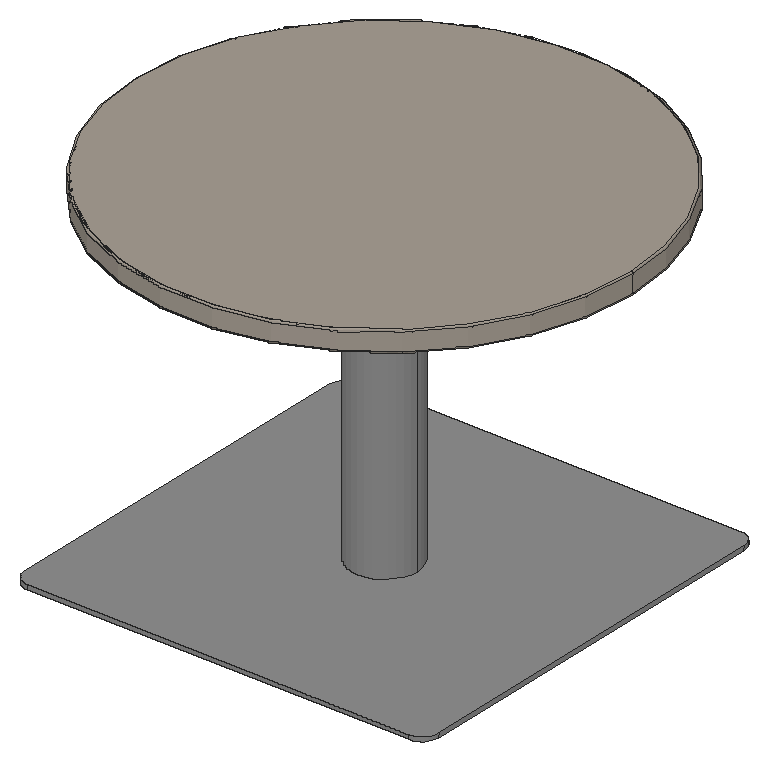
Revit family "BDG_BossDesign_Tbls_Reef_Coffee1", category Furniture, Revit 2016
Family settings
  OmniClass Number = 23.40.20.00
  OmniClass Title = General Furniture and Specialties
  Work Plane-Based = No
  Always vertical = Yes
  Cut with Voids When Loaded = No
  Shared = Yes
  Room Calculation Point = No
Parameters (values of type "600mm dia MFC top, 500mm x 500mm base, coffee")
  WarrantyStartDate [instance] = "1900-12-31T23:59:59"
  WarrantyGuarantorParts = "sales@bossdesign.com"
  WarrantyGuarantorLabor = "sales@bossdesign.com"
  WarrantyDurationUnit = "year"
  WarrantyDurationParts = "5"
  WarrantyDurationLabor = "5"
  WarrantyDescription = "Structural Warranty Excludes Foams and Fabrics"
  Version = "1"
  Uniclass2015Version = "Products v1.10"
  Uniclass2015Title = "Desks, tables and worktops"
  Uniclass2015Code = "Pr_40_50_21"
  Uniclass2 = "n/a"
  UndersideSupportOffset = 0 mm
  URL = "www.bossdesign.com"
  TopMaterial [instance] = BDG_Generic_Wood_Beech
  TagNumber [instance] = "n/a"
  SustainabilityPerformance = "n/a"
  Style = "n/a"
  SquareTop = no
  SquareBase = yes
  Size = "600 ø x 425mm"
  Shape = "Circular"
  SerialNumber [instance] = "n/a"
  RightBaseOffsetforRectangleTop = 200 mm
  Revision = "n/a"
  ReplacementCost = "n/a"
  ProductInformation = "www.bossdesign.com/product-list/reef"
  NominalWidth = 600 mm
  NominalLengthBaseSquare = 500 mm
  NominalLengthBaseCircle = 500 mm
  NominalLength = 600 mm
  NominalHeight = 425 mm
  Name = "Tables_Reef_Coffee_BossDesign"
  NBSTypeID = "n/a"
  NBSReference = "45-35-86/327"
  NBSOfficeMasterTag = "n/a"
  NBSDescription = "Tables"
  ModelReference = "600mm dia MFC top, grey, black or white 500mm x 500mm base, coffee"
  ModelNumber = "RF600CS C"
  Model = ModelNumber  # "RF600CS C"
  Material = "n/a"
  ManufacturerURL = "www.bossdesign.com"
  ManufacturerName = "Boss Design"  # constant formula
  Manufacturer = "sales@bossdesign.com"
  MainColor = Color  # "n/a"
  LeftBaseOffsetforRectangleTop = 200 mm
  Keynote = Uniclass2015Code  # "Pr_40_50_21"
  Is2ndBase = no
  InstallationDate [instance] = "1900-12-31T23:59:59"
  IfcExportType = "TABLE"
  IfcExportAs = "IfcFurnishingElementType"
  Grade = "n/a"
  Gap = 100 mm
  FrameMaterial [instance] = BDG_Generic_PaintFinish_Grey
  Finish = "n/a"
  Features = "n/a"
  ExpectedLife = "5"
  DurationUnit = "year"
  LengthBetweenFeet = 400.022 mm
  Description = ModelReference  # "600mm dia MFC top, grey, black or white 500mm x 500mm base, coffee"
  Constituents = "n/a"
  Color = "n/a"
  CodePerformance = "n/a"
  CircularTop = yes
  CircularBase = no
  Category = "Pr_40_50_21 : Desks, tables and worktops"
  BarCode [instance] = "n/a"
  BIMObjectName = "BDG_BossDesign_Tables_Reef_Coffee"
  Author = "BIMBox"  # constant formula
  AssetType = "Movable"
  AssetIdentifier [instance] = "n/a"
  Assembly Code = "E2020200"
  AccessibilityPerformance = "n/a"
Types (14, lengths in mm): name | SquareTop | SquareBase | Size | Shape | RightBaseOffsetforRectangleTop | NominalWidth | NominalLengthBaseSquare | NominalLengthBaseCircle | NominalLength | ModelReference | ModelNumber | Model | LeftBaseOffsetforRectangleTop | Is2ndBase | Gap | LengthBetweenFeet | Description | CircularTop | CircularBase
  600mm x 600mm MFC top, 600mm dia base, coffee | yes | no | "600 x 600 x 425mm" | "Square" | 250 | 600 | 600 | 600 | 600 | "600mm x 600mm MFC top, grey, black or white 600mm dia base, coffee" | "RF600SC C" | "RF600SC C" | 250 | no | 100 | 500 | "600mm x 600mm MFC top, grey, black or white 600mm dia base, coffee" | no | yes
  600mm dia MFC top, 600mm dia base, coffee | no | no | "600 ø x 425mm" | "Circular" | 250 | 600 | 600 | 600 | 600 | "600mm dia MFC top, grey, black or white 600mm dia base, coffee" | "RF600CC C" | "RF600CC C" | 250 | no | 100 | 500 | "600mm dia MFC top, grey, black or white 600mm dia base, coffee" | yes | yes
  600mm x 600mm MFC top, 500mm x 500mm base, coffee | yes | yes | "600 x 600 x 425mm" | "Square" | 200 | 600 | 500 | 500 | 600 | "600mm x 600mm MFC top, grey, black or white 500mm x 500mm base, coffee" | "RF600SS C" | "RF600SS C" | 200 | no | 100 | 400.022 | "600mm x 600mm MFC top, grey, black or white 500mm x 500mm base, coffee" | no | no
  600mm dia MFC top, 500mm x 500mm base, coffee | no | yes | "600 ø x 425mm" | "Circular" | 200 | 600 | 500 | 500 | 600 | "600mm dia MFC top, grey, black or white 500mm x 500mm base, coffee" | "RF600CS C" | "RF600CS C" | 200 | no | 100 | 400.022 | "600mm dia MFC top, grey, black or white 500mm x 500mm base, coffee" | yes | no
  800mm x 800mm MFC top, 600mm dia base, coffee | yes | no | "800 x 800 x 425mm" | "Square" | 250 | 800 | 600 | 600 | 800 | "800mm x 800mm MFC top, grey, black or white 600mm dia base, coffee" | "RF800SC C" | "RF800SC C" | 250 | no | 100 | 500 | "800mm x 800mm MFC top, grey, black or white 600mm dia base, coffee" | no | yes
  800mm dia MFC top, 600mm dia base, coffee | no | no | "800 ø x 425mm" | "Circular" | 250 | 800 | 600 | 600 | 800 | "800mm dia MFC top, grey, black or white 600mm dia base, coffee" | "RF800CC C" | "RF800CC C" | 250 | no | 100 | 500 | "800mm dia MFC top, grey, black or white 600mm dia base, coffee" | yes | yes
  800mm x 800mm MFC top, 500mm x 500mm base, coffee | yes | yes | "800 x 800 x 425mm" | "Square" | 200 | 800 | 500 | 500 | 800 | "800mm x 800mm MFC top, grey, black or white 500mm x 500mm base, coffee" | "RF800SS C" | "RF800SS C" | 200 | no | 100 | 400.022 | "800mm x 800mm MFC top, grey, black or white 500mm x 500mm base, coffee" | no | no
  800mm dia MFC top, 500mm x 500mm base, coffee | no | yes | "800 ø x 425mm" | "Circular" | 200 | 800 | 500 | 500 | 800 | "800mm dia MFC top, grey, black or white 500mm x 500mm base, coffee" | "RF800CS C" | "RF800CS C" | 200 | no | 100 | 400.022 | "800mm dia MFC top, grey, black or white 500mm x 500mm base, coffee" | yes | no
  1000mm dia MFC top, 600mm dia base, coffee | no | no | "1000 ø x 425mm" | "Circular" | 250 | 1000 | 600 | 600 | 1000 | "1000mm dia MFC top, grey, black or white 600mm dia base, coffee" | "RF1000CC C" | "RF1000CC C" | 250 | no | 100 | 500 | "1000mm dia MFC top, grey, black or white 600mm dia base, coffee" | yes | yes
  1000mm dia MFC top, 500mm x 500mm base, coffee | no | yes | "1000 ø x 425mm" | "Circular" | 200 | 1000 | 500 | 500 | 1000 | "1000mm dia MFC top, grey, black or white 500mm x 500mm base, coffee" | "RF1000CS C" | "RF1000CS C" | 200 | no | 100 | 400.022 | "1000mm dia MFC top, grey, black or white 500mm x 500mm base, coffee" | yes | no
  1200mm x 600mm MFC top, 500mm x 500mm base*, coffee | yes | yes | "1200 x 600 x 425mm" | "Rectangular" | 500 | 600 | 500 | 500 | 1200 | "1200mm x 600mm MFC top, grey, black or white 500mm x 500mm base*, coffee" | "RF1200CSR C" | "RF1200CSR C" | 500 | yes | 100 | 400.022 | "1200mm x 600mm MFC top, grey, black or white 500mm x 500mm base*, coffee" | no | no
  1200mm x 800mm MFC top, 500mm x 500mm base*, coffee | yes | yes | "1200 x 800 x 425mm" | "Rectangular" | 500 | 800 | 500 | 500 | 1200 | "1200mm x 800mm MFC top, grey, black or white 500mm x 500mm base*, coffee" | "RF1280CSR C" | "RF1280CSR C" | 500 | yes | 100 | 400.022 | "1200mm x 800mm MFC top, grey, black or white 500mm x 500mm base*, coffee" | no | no
  1400mm x 700mm MFC top, 500mm x 500mm base*, coffee | yes | yes | "1400 x 700 x 425mm" | "Rectangular" | 500 | 700 | 500 | 500 | 1400 | "1400mm x 700mm MFC top, grey, black or white 500mm x 500mm base*, coffee" | "RF1470CSR C" | "RF1470CSR C" | 500 | yes | 150 | 400.022 | "1400mm x 700mm MFC top, grey, black or white 500mm x 500mm base*, coffee" | no | no
  1400mm x 700mm MFC top, 600mm dia base*, coffee | yes | no | "1400 x 700 x 425mm" | "Rectangular" | 600 | 700 | 600 | 600 | 1400 | "1400mm x 700mm MFC top, grey, black or white 600mm dia base*, coffee" | "RF1470CCR C" | "RF1470CCR C" | 600 | yes | 50 | 500 | "1400mm x 700mm MFC top, grey, black or white 600mm dia base*, coffee" | no | yes
Reference planes
  plane 1 "Center (Front/Back)": y = 0
  plane 2: z = 0
  plane 3 "Center (Left/Right)": x = 0
  plane 4: z = 400
  plane 5: z = 425
  plane 6: z = 423
  plane 7: z = 402
  plane 8: x = -300
  plane 9: x = 300
  plane 10: y = 300
  plane 11: y = -300
  plane 12: z = 10
  plane 13: z = 5
  plane 14: z = 395
  plane 15 "InnerLeft": x = -250
  plane 16 "InnerRight": x = 250
  plane 17: x = 250
  plane 18: x = -250
  plane 19: x = 0
  plane 20: x = 150
  plane 21: y = 150
  plane 22: y = -150
  plane 23: x = -50
  plane 24: x = 50
  plane 25: x = 0
  plane 26: x = -150
  plane 27: x = 0
  plane 28: x = -150
  plane 29: x = 150
  plane 30: x = 0
  plane 31: y = 0
  plane 32: x = 0
  plane 33: y = 0
  plane 34: x = 0
  plane 35: y = 250
  plane 36: y = -250
Forms (mm)
  Extrusion 1, solid, material "BDG_Generic_Wood_Beech" <- "TopMaterial", visible <- "CircularTop"
    sketch origin (0, 0, 0) x (1, 0, 0) y (0, 1, 0)
      loop
        circle (0, 0) r 300
    from 400 to 425
  Extrusion 2, solid, material "BDG_Generic_PaintFinish_Grey" <- "FrameMaterial", visible <- "CircularBase"
    sketch origin (0, 0, 0) x (1, 0, 0) y (0, 1, 0)
      loop
        circle (0, 0) r 250
    from 5 to 10
  Extrusion 3, solid, material "BDG_Generic_PaintFinish_Grey" <- "FrameMaterial", visible <- "Is2ndBase"
    sketch origin (-301.332, -3.431, 0) x (1, 0, 0) y (0, 1, 0)
      loop
        circle (301.332, 3.431) r 40
    from 10 to 395
  Extrusion 4, solid, material "BDG_Generic_PaintFinish_Grey" <- "FrameMaterial", visible <- "SquareBase"
    sketch origin (0, 0, 0) x (1, 0, 0) y (0, 1, 0)
      loop
        arc (-230, 250) -> (-244.142, 244.142) -> (-250, 230) r 20
        line (-250, 230) -> (-250, -230)
        arc (-250, -230) -> (-244.142, -244.142) -> (-230, -250) r 20
        line (-230, -250) -> (230, -250)
        arc (230, -250) -> (244.142, -244.142) -> (250, -230) r 20
        line (250, -230) -> (250, 230)
        arc (250, 230) -> (244.142, 244.142) -> (230, 250) r 20
        line (230, 250) -> (-230, 250)
    from 5 to 10
  Extrusion 5, solid, material "BDG_Generic_PaintFinish_Grey" <- "FrameMaterial"
    sketch origin (301.332, -3.431, 0) x (-1, 0, 0) y (0, -1, 0)
      loop
        circle (301.332, -3.431) r 40
    from 10 to 395
  Extrusion 6, solid, material "BDG_Generic_PaintFinish_Grey" <- "FrameMaterial", visible <- "CircularBase"
    sketch origin (0, 0, 0) x (-1, 0, 0) y (0, -1, 0)
      loop
        circle (0, 0) r 250
    from 5 to 10
  Extrusion 7, solid, material "BDG_Generic_Nylon_Black", visible <- "SquareBase"
    sketch origin (0, 0, 0) x (1, 0, 0) y (0, 1, 0)
      loop
        circle (-200.011, 199.976) r 15
      loop
        circle (-200.011, -199.976) r 15
      loop
        circle (200.011, 199.976) r 15
      loop
        circle (200.011, -199.976) r 15
    from 0 to 5
  Extrusion 8, solid, material "BDG_Generic_Nylon_Black", visible <- "SquareBase"
    sketch origin (0, 0, 0) x (-1, 0, 0) y (0, -1, 0)
      loop
        circle (-200.011, -199.976) r 15
      loop
        circle (-200.011, 199.976) r 15
      loop
        circle (200.011, -199.976) r 15
      loop
        circle (200.011, 199.976) r 15
    from 0 to 5
  Extrusion 9, solid, material "BDG_Generic_Nylon_Black", visible <- "CircularBase"
    sketch origin (-285, 0, 0) x (1, 0, 0) y (0, 1, 0)
      loop
        circle (256.65, 203.03) r 15
      loop
        circle (427.274, -147.591) r 15
      loop
        circle (188.597, -180.918) r 15
      loop
        circle (83.146, 35.778) r 15
      loop
        circle (469.333, 89.702) r 15
    from 0 to 5
  Extrusion 10, solid, material "BDG_Generic_Nylon_Black", visible <- "CircularBase"
    sketch origin (315, 0, 0) x (1, 0, 0) y (0, 1, 0)
      loop
        circle (-343.35, 203.03) r 15
      loop
        circle (-172.726, -147.591) r 15
      loop
        circle (-411.403, -180.918) r 15
      loop
        circle (-516.854, 35.778) r 15
      loop
        circle (-130.667, 89.702) r 15
    from 0 to 5
  Extrusion 11, solid, material "BDG_Generic_PaintFinish_Grey" <- "FrameMaterial", visible <- "Is2ndBase"
    sketch origin (0, 0, 0) x (1, 0, 0) y (0, 1, 0)
      loop
        arc (-130, 150) -> (-144.142, 144.142) -> (-150, 130) r 20
        line (-150, 130) -> (-150, -130)
        arc (-150, -130) -> (-144.142, -144.142) -> (-130, -150) r 20
        line (-130, -150) -> (130, -150)
        arc (130, -150) -> (144.142, -144.142) -> (150, -130) r 20
        line (150, -130) -> (150, 130)
        arc (150, 130) -> (144.142, 144.142) -> (130, 150) r 20
        line (130, 150) -> (-130, 150)
    from 395 to 400
  Extrusion 12, solid, material "BDG_Generic_PaintFinish_Grey" <- "FrameMaterial"
    sketch origin (0, 0, 0) x (-1, 0, 0) y (0, -1, 0)
      loop
        arc (130, -150) -> (144.142, -144.142) -> (150, -130) r 20
        line (150, -130) -> (150, 130)
        arc (150, 130) -> (144.142, 144.142) -> (130, 150) r 20
        line (130, 150) -> (-130, 150)
        arc (-130, 150) -> (-144.142, 144.142) -> (-150, 130) r 20
        line (-150, 130) -> (-150, -130)
        arc (-150, -130) -> (-144.142, -144.142) -> (-130, -150) r 20
        line (-130, -150) -> (130, -150)
    from 395 to 400
  Extrusion 13, solid, material "BDG_Generic_Wood_Beech" <- "TopMaterial", visible <- "SquareTop"
    sketch origin (0, 0, 0) x (1, 0, 0) y (0, 1, 0)
      loop
        arc (-280, 300) -> (-294.142, 294.142) -> (-300, 280) r 20
        line (-300, 280) -> (-300, -280)
        arc (-300, -280) -> (-294.142, -294.142) -> (-280, -300) r 20
        line (-280, -300) -> (280, -300)
        arc (280, -300) -> (294.142, -294.142) -> (300, -280) r 20
        line (300, -280) -> (300, 280)
        arc (300, 280) -> (294.142, 294.142) -> (280, 300) r 20
        line (280, 300) -> (-280, 300)
    from 400 to 425
  Sweep 14, void
    path in 3D
      loop
        arc (-300, 0, 425) -> (0, 300, 425) -> (300, 0, 425) r 300
        arc (300, 0, 425) -> (0, -300, 425) -> (-300, 0, 425) r 300
    profile origin (0, -300, 425) x (0, -1, 0) y (0, 0, 1)
      loop
        line (0, 0) -> (-2, 0)
        arc (-2, 0) -> (-0.586, -0.586) -> (0, -2) r 2
        line (0, -2) -> (0, 0)
  Sweep 15, void
    path in 3D
      loop
        arc (300, 0, 400) -> (0, 300, 400) -> (-300, 0, 400) r 300
        arc (-300, 0, 400) -> (0, -300, 400) -> (300, 0, 400) r 300
    profile origin (0, -300, 400) x (0, -1, 0) y (0, 0, -1)
      loop
        line (0, 0) -> (-2, 0)
        arc (-2, 0) -> (-0.586, -0.586) -> (0, -2) r 2
        line (0, -2) -> (0, 0)
  Sweep 16, void
    path in 3D
      loop
        arc (280, -300, 425) -> (294.142, -294.142, 425) -> (300, -280, 425) r 20
        line (300, -280, 425) -> (300, 280, 425)
        arc (300, 280, 425) -> (294.142, 294.142, 425) -> (280, 300, 425) r 20
        line (280, 300, 425) -> (-280, 300, 425)
        arc (-280, 300, 425) -> (-294.142, 294.142, 425) -> (-300, 280, 425) r 20
        line (-300, 280, 425) -> (-300, -280, 425)
        arc (-300, -280, 425) -> (-294.142, -294.142, 425) -> (-280, -300, 425) r 20
        line (-280, -300, 425) -> (280, -300, 425)
    profile origin (0, -300, 425) x (0, 1, 0) y (0, 0, 1)
      loop
        line (0, 0) -> (0, -2)
        arc (0, -2) -> (0.586, -0.586) -> (2, 0) r 2
        line (2, 0) -> (0, 0)
  Sweep 17, void
    path in 3D
      loop
        arc (-280, -300, 400) -> (-294.142, -294.142, 400) -> (-300, -280, 400) r 20
        line (-300, -280, 400) -> (-300, 280, 400)
        arc (-300, 280, 400) -> (-294.142, 294.142, 400) -> (-280, 300, 400) r 20
        line (-280, 300, 400) -> (280, 300, 400)
        arc (280, 300, 400) -> (294.142, 294.142, 400) -> (300, 280, 400) r 20
        line (300, 280, 400) -> (300, -280, 400)
        arc (300, -280, 400) -> (294.142, -294.142, 400) -> (280, -300, 400) r 20
        line (280, -300, 400) -> (-280, -300, 400)
    profile origin (0, -300, 400) x (0, 1, 0) y (0, 0, -1)
      loop
        line (0, 0) -> (0, -2)
        arc (0, -2) -> (0.586, -0.586) -> (2, 0) r 2
        line (2, 0) -> (0, 0)
  Extrusion 18, solid, material "BDG_Generic_PaintFinish_Grey" <- "FrameMaterial", visible <- "SquareBase"
    sketch origin (0, 0, 0) x (-1, 0, 0) y (0, -1, 0)
      loop
        line (-230, -250) -> (230, -250)
        arc (230, -250) -> (244.142, -244.142) -> (250, -230) r 20
        line (250, -230) -> (250, 230)
        arc (250, 230) -> (244.142, 244.142) -> (230, 250) r 20
        line (230, 250) -> (-230, 250)
        arc (-230, 250) -> (-244.142, 244.142) -> (-250, 230) r 20
        line (-250, 230) -> (-250, -230)
        arc (-250, -230) -> (-244.142, -244.142) -> (-230, -250) r 20
    from 5 to 10
Cuts and joins
  Sweep 14, Sweep 15 cuts Extrusion 1
  Sweep 16, Sweep 17 cuts Extrusion 13
Lines and regions (mm)
  sketch lines
    curve 1: arc (300, 0, 425) -> (0, -300, 425) -> (-300, 0, 425) r 300
    curve 2: arc (-300, 0, 425) -> (0, 300, 425) -> (300, 0, 425) r 300
    curve 3: arc (-300, 0, 400) -> (0, -300, 400) -> (300, 0, 400) r 300
    curve 4: arc (300, 0, 400) -> (0, 300, 400) -> (-300, 0, 400) r 300
    curve 5: line (-280, -300, 425) -> (280, -300, 425)
    curve 6: arc (-280, -300, 425) -> (-294.142, -294.142, 425) -> (-300, -280, 425) r 20
    curve 7: line (-300, 280, 425) -> (-300, -280, 425)
    curve 8: arc (-300, 280, 425) -> (-294.142, 294.142, 425) -> (-280, 300, 425) r 20
    curve 9: line (280, 300, 425) -> (-280, 300, 425)
    curve 10: arc (280, 300, 425) -> (294.142, 294.142, 425) -> (300, 280, 425) r 20
    curve 11: line (300, -280, 425) -> (300, 280, 425)
    curve 12: arc (300, -280, 425) -> (294.142, -294.142, 425) -> (280, -300, 425) r 20
    curve 13: line (280, -300, 400) -> (-280, -300, 400)
    curve 14: arc (280, -300, 400) -> (294.142, -294.142, 400) -> (300, -280, 400) r 20
    curve 15: line (300, 280, 400) -> (300, -280, 400)
    curve 16: arc (300, 280, 400) -> (294.142, 294.142, 400) -> (280, 300, 400) r 20
    curve 17: line (-280, 300, 400) -> (280, 300, 400)
    curve 18: arc (-280, 300, 400) -> (-294.142, 294.142, 400) -> (-300, 280, 400) r 20
    curve 19: line (-300, -280, 400) -> (-300, 280, 400)
    curve 20: arc (-300, -280, 400) -> (-294.142, -294.142, 400) -> (-280, -300, 400) r 20
Dimensions and locks
  "NominalHeight": plane 5 to plane 2
  plane 5 to plane 6 to plane 7 to plane 4 to plane 14 = 2 mm locked, 21 mm locked, 2 mm locked, 5 mm locked
  "NominalLength": plane 8 to plane 9
  equal spacing: plane 8, plane 3 "Center (Left/Right)", plane 9
  equal spacing: plane 10, plane 1 "Center (Front/Back)", plane 11
  locked: Extrusion 1 sketch curve to plane 1 "Center (Front/Back)" at 0
  locked: Extrusion 1 sketch curve to plane 3 "Center (Left/Right)" at 0
  plane 2 to plane 13 to plane 12 = 5 mm locked, 5 mm locked
  "NominalWidth": plane 10 to plane 11
  locked: plane 15 "InnerLeft" to Extrusion 4 sketch curve at 20  (x2)
  locked: Extrusion 4 sketch curve to plane 17 at 20  (x2)
  "NominalLengthBaseSquare": plane 15 "InnerLeft" to plane 17
  "NominalLengthBaseSquare": plane 18 to plane 16 "InnerRight"
  "LeftBaseOffsetforRectangleTop": plane 15 "InnerLeft" to plane 23
  "RightBaseOffsetforRectangleTop": plane 24 to plane 16 "InnerRight"
  "Gap": plane 23 to plane 24
  equal spacing: plane 23, plane 3 "Center (Left/Right)", plane 24
  equal spacing: plane 15 "InnerLeft", plane 19, plane 17
  equal spacing: plane 18, plane 25, plane 16 "InnerRight"
  locked: plane 26 to plane 20 at 300
  locked: plane 21 to plane 22 at 300
  equal spacing: plane 26, plane 27, plane 20
  "UndersideSupportOffset": plane 27 to plane 19
  locked: Extrusion 5 sketch curve to plane 25 at 0
  locked: Extrusion 5 sketch curve to plane 1 "Center (Front/Back)" at 0
  locked: Extrusion 6 sketch curve to plane 25 at 0
  locked: Extrusion 6 sketch curve to plane 1 "Center (Front/Back)" at 0
  equal spacing: plane 28, plane 30, plane 29
  locked: plane 28 to plane 29 at 300
  "UndersideSupportOffset": plane 25 to plane 30
  locked: plane 15 "InnerLeft" to Extrusion 7 sketch curve at 49.989  (x2)
  "LengthBetweenFeet": Extrusion 7 sketch curve to Extrusion 7 sketch curve  (x2)
  "LengthBetweenFeet": Extrusion 8 sketch curve to Extrusion 8 sketch curve  (x2)
  locked: Extrusion 8 sketch curve to plane 16 "InnerRight" at 49.989  (x2)
  locked: Extrusion 9 sketch curve to plane 32 at 28.35
  locked: Extrusion 9 sketch curve to plane 31 at 203.03
  locked: Extrusion 9 sketch curve to plane 32 at 201.854
  locked: Extrusion 9 sketch curve to plane 31 at 35.778
  locked: Extrusion 9 sketch curve to plane 32 at 96.403
  locked: plane 31 to Extrusion 9 sketch curve at 180.918
  locked: plane 31 to Extrusion 9 sketch curve at 147.591
  locked: plane 32 to Extrusion 9 sketch curve at 142.274
  locked: Extrusion 9 sketch curve to plane 31 at 89.702
  locked: plane 32 to Extrusion 9 sketch curve at 184.333
  locked: Extrusion 10 sketch curve to plane 34 at 28.35
  locked: Extrusion 10 sketch curve to plane 33 at 203.03
  locked: Extrusion 10 sketch curve to plane 34 at 201.854
  locked: Extrusion 10 sketch curve to plane 33 at 35.778
  locked: Extrusion 10 sketch curve to plane 34 at 96.403
  locked: plane 33 to Extrusion 10 sketch curve at 180.918
  locked: plane 33 to Extrusion 10 sketch curve at 147.591
  locked: plane 34 to Extrusion 10 sketch curve at 142.274
  locked: Extrusion 10 sketch curve to plane 33 at 89.702
  locked: plane 34 to Extrusion 10 sketch curve at 184.333
  locked: plane 26 to Extrusion 11 sketch curve at 20  (x2)
  locked: plane 22 to Extrusion 11 sketch curve at 20  (x2)
  locked: plane 21 to Extrusion 11 sketch curve at 20  (x2)
  locked: Extrusion 11 sketch curve to plane 20 at 20  (x2)
  locked: plane 28 to Extrusion 12 sketch curve at 20  (x2)
  locked: plane 21 to Extrusion 12 sketch curve at 20  (x2)
  locked: Extrusion 12 sketch curve to plane 29 at 20  (x2)
  locked: plane 22 to Extrusion 12 sketch curve at 20  (x2)
  locked: plane 8 to Extrusion 13 sketch curve at 20  (x2)
  locked: plane 10 to Extrusion 13 sketch curve at 20  (x2)
  locked: plane 11 to Extrusion 13 sketch curve at 20  (x2)
  locked: Extrusion 13 sketch curve to plane 9 at 20  (x2)
  "NominalLengthBaseSquare": plane 35 to plane 36
  equal spacing: plane 35, plane 1 "Center (Front/Back)", plane 36
  locked: plane 18 to Extrusion 18 sketch curve at 20  (x2)
  locked: plane 35 to Extrusion 18 sketch curve at 20  (x2)
  locked: Extrusion 18 sketch curve to plane 16 "InnerRight" at 20  (x2)
  locked: plane 36 to Extrusion 18 sketch curve at 20  (x2)
  locked: Extrusion 7 sketch curve to Extrusion 7 sketch curve at 399.952  (x2)
  locked: Extrusion 8 sketch curve to Extrusion 8 sketch curve at 399.952  (x2)
  "NominalLength": diameter of Extrusion 1 sketch curve
  "NominalLengthBaseCircle": diameter of Extrusion 6 sketch curve
  "NominalLengthBaseCircle": diameter of Extrusion 2 sketch curve
  radius of Extrusion 4 sketch curve = 20 mm
  aligned and locked: level to plane 2
  aligned and locked: Extrusion 2 to plane 12
  aligned and locked: plane 14 to Extrusion 3
  aligned and locked: plane 12 to Extrusion 3
  aligned and locked: plane 13 to Extrusion 2
  aligned and locked: Extrusion 4 to plane 15 "InnerLeft"
  aligned and locked: Extrusion 4 sketch curve to plane 17
  aligned and locked: plane 15 "InnerLeft" to Extrusion 4 sketch curve
  aligned and locked: plane 1 "Center (Front/Back)" to Extrusion 3 sketch curve
  aligned and locked: plane 1 "Center (Front/Back)" to Extrusion 2 sketch curve
  aligned and locked: plane 27 to Extrusion 2 sketch curve
  aligned and locked: Extrusion 8 to plane 2
  aligned and locked: Extrusion 8 to plane 13
  aligned and locked: Extrusion 7 to plane 2
  aligned and locked: Extrusion 7 to plane 13
  aligned and locked: Extrusion 9 to plane 2
  aligned and locked: Extrusion 9 to plane 13
  aligned and locked: plane 32 to plane 27
  aligned and locked: plane 31 to plane 1 "Center (Front/Back)"
  aligned and locked: plane 34 to plane 30
  aligned and locked: plane 33 to plane 1 "Center (Front/Back)"
  aligned and locked: plane 4 to Extrusion 12
  aligned and locked: plane 4 to Extrusion 11
  aligned and locked: Extrusion 11 to plane 14
  aligned and locked: Extrusion 12 to plane 14
  aligned and locked: Extrusion 11 sketch curve to plane 21
  aligned and locked: plane 26 to Extrusion 11 sketch curve
  aligned and locked: Extrusion 11 sketch curve to plane 22
  aligned and locked: plane 20 to Extrusion 11 sketch curve
  aligned and locked: Extrusion 12 sketch curve to plane 21
  aligned and locked: plane 28 to Extrusion 12 sketch curve
  aligned and locked: Extrusion 12 sketch curve to plane 22
  aligned and locked: Extrusion 12 sketch curve to plane 29
  aligned and locked: Extrusion 13 sketch curve to plane 10
  aligned and locked: plane 8 to Extrusion 13 sketch curve
  aligned and locked: plane 9 to Extrusion 13 sketch curve
  aligned and locked: plane 5 to Extrusion 13
  aligned and locked: Extrusion 13 to plane 4
  aligned and locked: plane 5 to Extrusion 1
  aligned and locked: Extrusion 1 to plane 4
  aligned and locked: Extrusion 4 sketch curve to plane 35
  aligned and locked: Extrusion 4 sketch curve to plane 36
  aligned and locked: plane 14 to Extrusion 5
Automatic sketch dimensions
  Extrusion 3 sketch curve to plane 19 = 0 mm
  Sweep 14 sketch curve to profile plane = 0 mm  (x2)
  Sweep 14 sketch curve to Sweep 14 sketch curve = 2 mm
  profile plane to Sweep 15 sketch curve = 0 mm
  Sweep 15 sketch curve to profile plane = 0 mm
  profile plane to Sweep 15 sketch curve = 2 mm
  Sweep 16 sketch curve to profile plane = 0 mm  (x2)
  Sweep 16 sketch curve to Sweep 16 sketch curve = 2 mm
  Sweep 17 sketch curve to profile plane = 0 mm
  profile plane to Sweep 17 sketch curve = 0 mm
  Sweep 17 sketch curve to profile plane = 2 mm
  plane 36 to Extrusion 18 sketch curve = 0 mm
  plane 22 to Extrusion 7 sketch curve = 49.976 mm  (x2)
  Extrusion 8 sketch curve to plane 22 = 49.976 mm  (x2)
  radius of Extrusion 3 sketch curve = 40 mm
  radius of Extrusion 5 sketch curve = 40 mm
  radius of Extrusion 9 sketch curve = 15 mm  (x5)
  radius of Extrusion 10 sketch curve = 15 mm  (x5)
  radius of Extrusion 7 sketch curve = 15 mm  (x4)
  radius of Extrusion 8 sketch curve = 15 mm  (x4)
